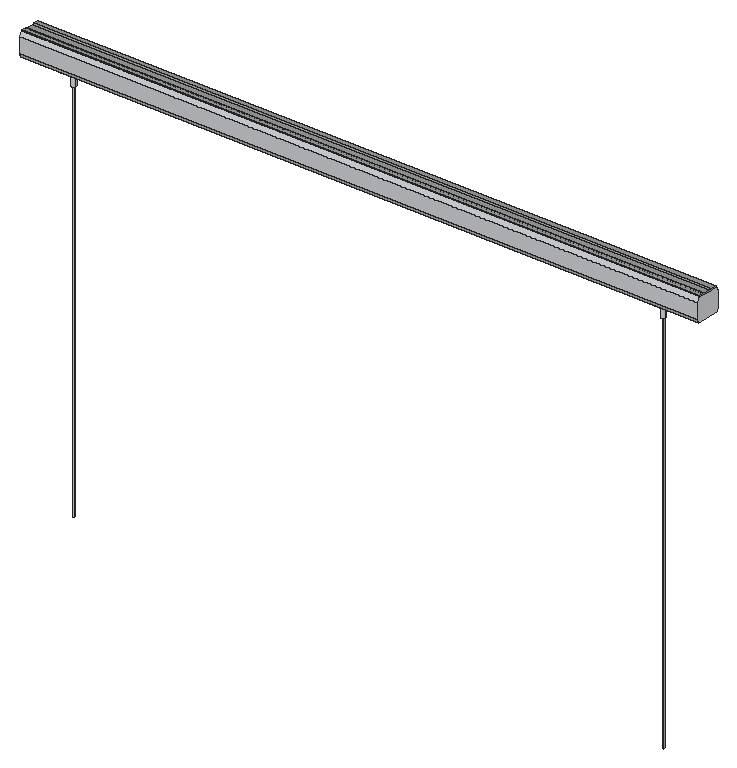
Revit family "0042531 Sylvania Lighting Fixture ISOLINE  1690MM 4K WD DA 8C E3", category Lighting Fixtures, host Face, Revit 2018
Family settings
  Host = Face
  Round Connector Dimension = Use Diameter
  Part Type = Normal
  OmniClass Number = 23.80.70.00
  OmniClass Title = Lighting
  Cut with Voids When Loaded = No
  Light Source = Yes
  Shared = No
  Room Calculation Point = No
Parameters (values of type "0042531 ISOLINE  1690MM 4K WD DA 8C E3")
  suspension height = 1000 mm
  spacer height = 5 mm
  spacer centres = 1000 mm
  height = 58.791 mm
  Width = 62 mm
  Weight = "n/a"
  Wattage Comments = ""
  Wattage = 9.2903 W
  WarrantyStartDate [instance] = "n/a"
  WarrantyGuarantorParts = "n/a"
  WarrantyDurationUnit = "n/a"
  WarrantyDurationParts = ""
  WarrantyDescription = "http://www.sylvania-lighting.com"
  built-in parameter 1150110 = 1 (stored number, unit not read)
  Voltage = 0 V
  URL = "0"
  TypeName = "ISOLINE  1690MM 4K WD DA 8C E3"
  Type Image = <None>
  Type Comments = "n/a"
  built-in parameter 1114217 = 1 (stored number, unit not read)
  Tilt Angle = 90.00°
  built-in parameter 1150109 = 1 (stored number, unit not read)
  built-in parameter 1150134 = 3
  built-in parameter 1150113 = 1 (stored number, unit not read)
  SerialNumber [instance] = "n/a"
  Photometric Web File = "0042531.ies"
  Material_3_FEILO = none
  PowerFactor = 0
  PowerConsumption = "Lighting"
  NominalLength = 62 mm
  NominalHeight = 0 mm
  NominalDepth = 0 mm
  Name = "ISOLINE  1690MM 4K WD DA 8C E3"
  ModelReference = Name  # "ISOLINE  1690MM 4K WD DA 8C E3"
  ModelNumber = "0042531"
  Model = Name  # "ISOLINE  1690MM 4K WD DA 8C E3"
  Material = "Feilo Sylvania"
  ManufacturerName = "138 lm/W"
  Manufacturer = ""
  LuminousEfficacy = ""
  built-in parameter 1150105 = 109.82 (stored number, unit not read)
  Lumens = 1380 lm
  LuminaireType = "0"
  built-in parameter 1150115 = 1 (stored number, unit not read)
  LightOutputRatio = "LED"
  built-in parameter 1150137 = (empty or 0)
  built-in parameter 1150139 = (empty or 0)
  Length = 1690 mm
  LampsType = Lamp  # "n/a"
  LampNominalLuminous = "4000 K"
  LampMacAdamStep = "80"
  LampColourTemperature = "LED"
  LampColourRenderingIndex = "16500"
  built-in parameter 1150112 = 1 (stored number, unit not read)
  built-in parameter 1150114 = 1 (stored number, unit not read)
  Lamp = "n/a"
  Keynote = "n/a"
  InstallationDate [instance] = "n/a"
  InputVoltage = "0"
  InputNominalFrequency = "4000"
  built-in parameter 1150132 = (empty or 0)
  built-in parameter 1150102 = (empty or 0)
  built-in parameter 1150107 = 3200 (stored number, unit not read)
  built-in parameter 1150138 = (empty or 0)
  IngressProtection = "IfcLightFixtureType"
  ImpactProtectionIndex = "IfcLightFixtureType"
  built-in parameter 1150106 = 1.0982 (stored number, unit not read)
  IfcExportType = "IfcLightFixtureType"
  IfcExportAs = "Class I"
  Height = 1000 mm
  ExpectedLife = 50000
  Emit from Circle Diameter = 609.6 mm
  Emit Shape Visible in Rendering = no
  ElectricShockClassification = "138"
  built-in parameter 1150104 = 13.8 (stored number, unit not read)
  DurationUnit = "hours"
  DocumentationLiterature = "http://www.sylvania-lighting.com/product/en-int/products/0042531"
  DimmingControlOptions = "n/a"
  Material_2_FEILO = none
  Dimming Lamp Color Temperature Shift = <None>
  Description = "Isoline LED linear DALI dimmable luminaire with 3hr integrated emergency function for industrial and commercial applications. 1690 mm length with wide optics provide homogeneous light distribution for open areas. Suitable for DALI Dimming. Aluminium housing, RAL 9016. Max + 35 °C operating temperature range, 4000 K, CRI 80, UGR <25, 3 SDMC. 59 W power consumption, 8150 lm luminous flux, 138 lm/W efficacy, 1690 mm x 62 mm x 59 mm (L x W x H) dimensions, IP20, IK03, DC 50/60 Hz, Class I. Lifespan L70:B50 60,000 hours."
  Default Elevation = 1219.2 mm
  CreatedOn = "04/03/2021"
  CreatedBy = "@sylvania-lighting.com"
  Cost = 0
  Color Filter = 16777215
  built-in parameter 1114216 [instance] = (empty or 0)
  ClassificationValue = "EF_70_80"
  ClassificationName = "Uniclass2015"
  Material_1_FEILO = none
  BarCode [instance] = "n/a"
  built-in parameter 1114218 = 1 (stored number, unit not read)
  built-in parameter 1150133 = 10 (stored number, unit not read)
  AssetType = "Fixed"
  AssetIdentifier [instance] = "n/a"
  Assembly Code = "D5020200"
  Apparent Load = 59 VA
  Material_4_FEILO = none
Reference planes
  plane 1 "Center (Front/Back)": y = 0
  plane 2: z = 0
  plane 3 "Center (Left/Right)": x = 0
  plane 4: z = 0
  plane 5: z = 1000
  plane 6: y = 31
  plane 7: y = -31
  plane 8: x = -845
  plane 9: x = 845
  plane 10: x = -37.307
  plane 11: x = 55
  plane 12: z = 1058.791
  plane 13: z = 51
  plane 14: y = -27
  plane 15: y = 27
  plane 16: z = 12
  plane 17: y = -24.969
  plane 18: y = 25
  plane 19: y = 12
  plane 20: y = -12
  plane 21: z = 1.634
  plane 22: y = -8
  plane 23: y = 8
  plane 24: z = 995
  plane 25: y = 26.98
  plane 26: y = 16.98
  plane 27: y = -27.027
  plane 28: y = -17.004
  plane 29: z = 996.5
  plane 30: y = 26.002
  plane 31: y = -26.027
  plane 32: through (-1580, 7.965, 1219.2) normal (0.5391, 0.8423, 0)
  plane 33: through (-1555, 7.965, 1219.2) normal (0.5391, -0.8423, 0)
  plane 34: through (1555, 7.965, 1219.2) normal (0.5391, 0.8423, 0)
  plane 35: through (1580, 8, 1219.2) normal (0.5399, -0.8417, 0)
  plane 36: z = 1058.003
  plane 37: z = 1056.819
  plane 38: x = -735
  plane 39: x = 735
Forms (mm)
  Extrusion 1, solid, detail levels medium+fine
    sketch origin (-1690, -1523.717, -160.594) x (0, -1, -0.000261) y (0, 0.000261, -1)
      loop
        line (-1493, -1168.2) -> (-1497, -1160.2) -> (-1551, -1160.2) -> (-1555, -1168.2) -> (-1555, -1207.2) -> (-1549.109, -1218.982) -> (-1535.466, -1218.982) -> (-1532, -1217.566) -> (-1516, -1217.566) -> (-1512.511, -1218.991) -> (-1498.896, -1218.991) -> (-1493, -1207.2) -> (-1493, -1168.2)
    from 845 to 2535
  Extrusion 2, solid
    sketch origin (722.452, 1524, 1219.247) x (0, 1, 0) y (0, 0, 1)
      loop
        line (-1497.021, -219.189) -> (-1498.02, -219.189) -> (-1507.02, -223.699) -> (-1541.004, -223.699) -> (-1550.017, -219.203) -> (-1551.02, -219.203) -> (-1541.004, -224.2) -> (-1507.02, -224.2) -> (-1497.021, -219.189)
    from 0 to 25
  Extrusion 3, solid
    sketch origin (-747.495, 1524, 1219.189) x (0, 1, 0) y (0, 0, 1)
      loop
        line (-1497.021, -219.189) -> (-1498.02, -219.189) -> (-1507.02, -223.699) -> (-1541.004, -223.699) -> (-1550.017, -219.203) -> (-1551.02, -219.203) -> (-1541.004, -224.2) -> (-1507.02, -224.2) -> (-1497.021, -219.189)
    from 0 to 25
  Extrusion 4, solid
    sketch origin (836.384, 0, 0) x (1, 0, 0) y (0, 1, 0)
      loop
        circle (-1571.7, -0.035) r 5
    from 962.277 to 995
  Extrusion 5, solid
    sketch origin (2306.545, 0.065, 0) x (1, 0, 0) y (0, 1, 0)
      loop
        circle (-1571.7, -0.035) r 5
    from 962.277 to 995
  Extrusion 6, solid
    sketch origin (836.717, 0, 0) x (1, 0, 0) y (0, 1, 0)
      loop
        circle (-1571.7, -0.035) r 1.5
    from 0 to 962.277
  Extrusion 7, solid
    sketch origin (2306.663, 0.033, 0) x (1, 0, 0) y (0, 1, 0)
      loop
        circle (-1571.7, -0.035) r 1.5
    from 0 to 962.277
  Extrusion 8, solid, material "Glass, White, High Luminance", detail levels fine
    sketch origin (319, 1524, 1219.2) x (0, 1, 0) y (0, 0, 1)
      loop
        line (-1498.926, -160.099) -> (-1512.703, -160.099) -> (-1516.213, -161.534) -> (-1531.9, -161.534) -> (-1535.47, -160.114) -> (-1549.12, -160.114) -> (-1549.12, -161.197) -> (-1535.782, -161.197) -> (-1532.805, -162.381) -> (-1515.468, -162.381) -> (-1512.929, -161.197) -> (-1498.926, -161.197) -> (-1498.926, -160.099)
    from -1164 to 526
  Extrusion 9, solid, detail levels coarse
    sketch origin (319, 1524, 1219.2) x (0, 1, 0) y (0, 0, 1)
      loop
        line (-1493, -160.052) -> (-1555, -160.052) -> (-1555, -1219.2) -> (-1493, -1219.2) -> (-1493, -160.052)
    from -1164 to 526
Dimensions and locks
  "Width": plane 6 to plane 7
  equal spacing: plane 6, plane 1 "Center (Front/Back)", plane 7
  "Length": plane 8 to plane 9
  equal spacing: plane 8, plane 3 "Center (Left/Right)", plane 9
  "height": plane 12 to plane 5
  "suspension height": plane 5 to level
  aligned and locked: host face to plane 2
  aligned and locked: host face to level
Automatic sketch dimensions
  host sketch curve to host sketch curve = 3582.803 mm
  host sketch curve to host sketch curve = 2438.4 mm
  Extrusion 1 sketch curve to plane 25 = 0 mm
  Extrusion 1 sketch curve to plane 6 = 0.033 mm
  Extrusion 1 sketch curve to plane 12 = 11.778 mm
  Extrusion 1 sketch curve to Extrusion 1 sketch curve = 4 mm  (x2)
  Extrusion 1 sketch curve to Extrusion 1 sketch curve = 5.891 mm
  Extrusion 1 sketch curve to Extrusion 1 sketch curve = 13.643 mm
  Extrusion 1 sketch curve to Extrusion 1 sketch curve = 3.466 mm
  Extrusion 1 sketch curve to Extrusion 1 sketch curve = 16 mm
  Extrusion 1 sketch curve to Extrusion 1 sketch curve = 3.489 mm
  Extrusion 1 sketch curve to Extrusion 1 sketch curve = 13.615 mm
  Extrusion 1 sketch curve to Extrusion 1 sketch curve = 54 mm
  Extrusion 1 sketch curve to Extrusion 1 sketch curve = 47 mm
  Extrusion 1 sketch curve to Extrusion 1 sketch curve = 10.366 mm
  Extrusion 1 sketch curve to Extrusion 1 sketch curve = 1.425 mm
  Extrusion 1 sketch curve to Extrusion 1 sketch curve = 11.782 mm
  Extrusion 1 sketch curve to Extrusion 1 sketch curve = 8 mm  (x2)
  Extrusion 2 sketch curve to plane 28 = 0 mm  (x2)
  Extrusion 2 sketch curve to plane 26 = 0 mm  (x2)
  plane 5 to Extrusion 2 sketch curve = 0.058 mm
  Extrusion 2 sketch curve to plane 31 = 0.01 mm
  Extrusion 2 sketch curve to plane 27 = 0.007 mm
  plane 30 to Extrusion 2 sketch curve = 0.022 mm
  plane 25 to Extrusion 2 sketch curve = 0.001 mm
  plane 5 to Extrusion 2 sketch curve = 0.044 mm
  plane 24 to Extrusion 2 sketch curve = 0.547 mm
  plane 24 to Extrusion 2 sketch curve = 0.047 mm
  Extrusion 3 sketch curve to plane 28 = 0 mm  (x2)
  Extrusion 3 sketch curve to plane 26 = 0 mm  (x2)
  Extrusion 3 sketch curve to plane 5 = 0 mm
  Extrusion 3 sketch curve to plane 31 = 0.01 mm
  Extrusion 3 sketch curve to plane 27 = 0.007 mm
  plane 30 to Extrusion 3 sketch curve = 0.022 mm
  plane 25 to Extrusion 3 sketch curve = 0.001 mm
  Extrusion 3 sketch curve to plane 5 = 0.014 mm
  plane 24 to Extrusion 3 sketch curve = 0.489 mm
  Extrusion 3 sketch curve to plane 24 = 0.011 mm
  plane 32 to Extrusion 4 sketch curve = 448.592 mm
  plane 33 to Extrusion 4 sketch curve = 448.592 mm
  Extrusion 5 sketch curve to plane 1 "Center (Front/Back)" = 0.029 mm
  plane 32 to Extrusion 6 sketch curve = 448.771 mm
  plane 33 to Extrusion 6 sketch curve = 448.771 mm
  plane 1 "Center (Front/Back)" to Extrusion 7 sketch curve = 0.002 mm
  Extrusion 8 sketch curve to plane 36 = 0 mm  (x2)
  Extrusion 8 sketch curve to plane 37 = 0 mm
  plane 17 to Extrusion 8 sketch curve = 0.151 mm
  Extrusion 8 sketch curve to plane 20 = 0.218 mm
  plane 12 to Extrusion 8 sketch curve = 0.295 mm
  Extrusion 8 sketch curve to plane 20 = 0.53 mm
  plane 22 to Extrusion 8 sketch curve = 0.805 mm
  Extrusion 8 sketch curve to plane 22 = 0.1 mm
  plane 23 to Extrusion 8 sketch curve = 0.213 mm
  Extrusion 8 sketch curve to plane 23 = 0.532 mm
  plane 19 to Extrusion 8 sketch curve = 0.929 mm
  Extrusion 8 sketch curve to plane 18 = 0.074 mm
  plane 37 to Extrusion 8 sketch curve = 0.848 mm
  plane 19 to Extrusion 8 sketch curve = 0.703 mm
  plane 12 to Extrusion 8 sketch curve = 0.31 mm
  Extrusion 9 sketch curve to plane 7 = 0 mm
  Extrusion 9 sketch curve to plane 6 = 0 mm
  Extrusion 9 sketch curve to plane 29 = 996.5 mm
  plane 12 to Extrusion 9 sketch curve = 0.357 mm
  Extrusion 5 sketch curve to plane 39 = 0.155 mm
  Extrusion 7 sketch curve to plane 39 = 0.037 mm
  radius of Extrusion 4 sketch curve = 5 mm
  radius of Extrusion 5 sketch curve = 5 mm
  radius of Extrusion 6 sketch curve = 1.5 mm
  radius of Extrusion 7 sketch curve = 1.5 mm
Connectors
  electrical at (0, -0.02, 1000.004)
    settings: on Extrusion 1, index 1, voltage 0 V, apparent load 0 VA, apparent load phase1 0 VA, apparent load phase2 0 VA, apparent load phase3 0 VA, power factor 1, load classification "Other", number of poles 1, system type 31, power factor state 1, is connector primary yes, connector utility no, sub classification motor no, connector description ""
